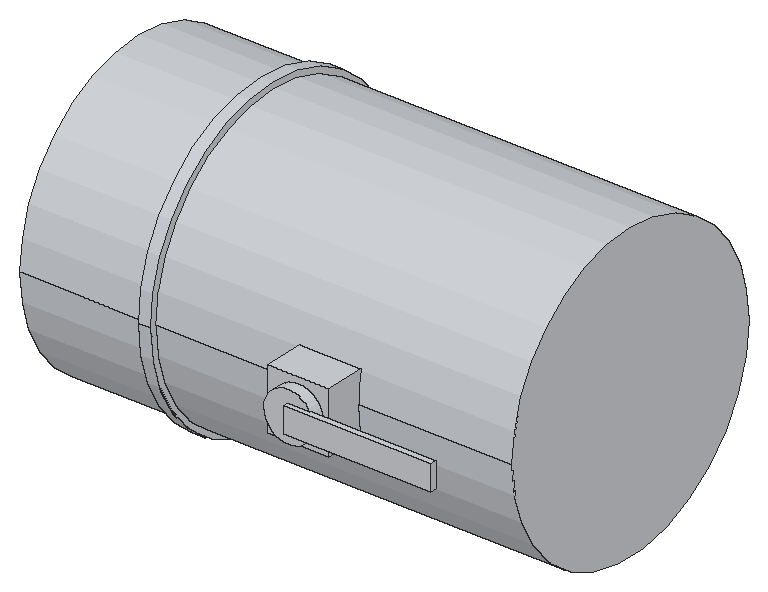
Revit family "e3e4dd09a4cd44f8860823d052cb8702", category Duct Fittings, Revit 2021
Family settings
  Round Connector Dimension = Use Radius
  Part Type = Tap - Adjustable
  OmniClass Number = 23.75.70.14
  OmniClass Title = Air Ductwork
  Seek Item ID = Round Takeoff with Standoff Damper-0000-USA-ENU
  Work Plane-Based = No
  Always vertical = Yes
  Cut with Voids When Loaded = No
  Shared = No
Parameters (values of type "Standard")
  built-in parameter 1114214 [instance] = 0' - 5"
  built-in parameter 1114213 [instance] = 1' - 3"
  built-in parameter 1114215 [instance] = if(Duct Diameter > 1' 3", Duct Diameter, 1' 3")  # 1.25 (stored number, unit not read)
  Standoff Width [instance] = 2 1/2"
  Standoff Height [instance] = 1 1/2"
  Radius 2 [instance] = Handle Width  # 1"
  Radius 1 [instance] = Duct Radius + 0' 0 1/4"  # 6 1/4"
  Length 3 [instance] = Length 2 + Handle Height + Length 1  # 8 1/4"
  Length 2 [instance] = Standoff Height + Duct Radius  # 7 1/2"
  Length 1 [instance] = 1/2"
  Handle Width [instance] = 1"
  Handle Length [instance] = 6"
  Handle Height [instance] = 1/4"
  Stop Bead Thickness [instance] = 1/2"
  Stop Bead Radius [instance] = Duct Radius + Stop Bead Extension  # 6 1/4"
  Stop Bead Extension [instance] = 1/4"
  Duct Radius [instance] = 6"
  Duct Length 1 [instance] = Duct Radius + 0' 3"  # 9"
  Duct Diameter [instance] = Duct Radius * 2  # 12"
  Default Elevation = 0' - 0"
Reference planes (in)
  plane 1 "Center (Front/Back)": y = 0
  plane 2: z = 0
  plane 3 "Center (Left/Right)": x = 0
  plane 4: x = 15
  plane 5: x = -5
  plane 6: x = 7.5
  plane 7: y = -8.25
Forms (in)
  Extrusion 1, solid, detail levels medium+fine
    sketch origin (0, 0, 0) x (0, 1, 0) y (0, 0, 1)
      loop
        circle (0, 0) r 6
    from 0 to 15
  Extrusion 2, solid, detail levels medium+fine
    sketch origin (-5, 62.97128, 48) x (0, 1, 0) y (0, 0, 1)
      loop
        circle (-62.97128, -48) r 6
    from 0 to 5
  Extrusion 3, solid, detail levels medium+fine
    sketch origin (0, 0, 0) x (0, 1, 0) y (0, 0, 1)
      loop
        circle (0, 0) r 6.25
    from 0 to 0.5
  Extrusion 4, solid, detail levels medium+fine
    sketch origin (0, 0, 0) x (1, 0, 0) y (0, 0, 1)
      loop
        circle (7.5, 0) r 1
    from 8 to 7.5
  Extrusion 5, solid, detail levels medium+fine
    sketch origin (0, -8, 0) x (-1, 0, 0) y (0, 0, 1)
      loop
        line (-13.5, 0.5) -> (-13.5, -0.5) -> (-7.5, -0.5) -> (-7.5, 0.5) -> (-13.5, 0.5)
    from 0 to -0.25
  Extrusion 6, solid, detail levels medium+fine
    sketch origin (0, 0, 0) x (1, 0, 0) y (0, 0, 1)
      loop
        line (8.75, 1.25) -> (6.25, 1.25) -> (6.25, -1.25) -> (8.75, -1.25) -> (8.75, 1.25)
    from 0 to 7.5
Cuts and joins
  joined: Extrusion 1, Extrusion 3, Extrusion 6
Lines and regions (in)
  model lines, not visible, detail levels coarse
    curve 1: line (0, 0, 0) -> (15, 0, 0)
  model lines, detail levels coarse
    curve 2: line (7.5, -8.25, 0) -> (7.5, 6, 0)
    curve 3: line (7.5, -8.25, 0) -> (13.5, -8.25, 0)
Dimensions and locks (in)
  "built-in parameter 1114214": plane 5 to plane 3 "Center (Left/Right)"
  "Stop Bead Thickness": plane 3 "Center (Left/Right)" to Extrusion 3
  equal spacing: Extrusion 5 sketch curve, plane 2, Extrusion 5 sketch curve
  "Handle Width": Extrusion 5 sketch curve to Extrusion 5 sketch curve
  "Handle Length": Extrusion 5 sketch curve to Extrusion 5 sketch curve
  "Duct Radius": plane 1 "Center (Front/Back)" to curve 2
  "Handle Height": Extrusion 5 to Extrusion 5
  equal spacing: Extrusion 6 sketch curve, plane 2, Extrusion 6 sketch curve
  "Standoff Width": Extrusion 6 sketch curve to Extrusion 6 sketch curve  (x2)
  equal spacing: Extrusion 6 sketch curve, plane 6, Extrusion 6 sketch curve
  "Length 2": cut or joined group of Extrusion 1, Extrusion 3, Extrusion 6 to plane 1 "Center (Front/Back)"
  "Length 1": Extrusion 4 to cut or joined group of Extrusion 1, Extrusion 3, Extrusion 6
  "Length 3": plane 7 to plane 1 "Center (Front/Back)"
  "Handle Length": plane 6 to curve 3
  "built-in parameter 1114213": plane 3 "Center (Left/Right)" to plane 4
  equal spacing: plane 3 "Center (Left/Right)", plane 6, plane 4
  "Duct Radius": radius of Extrusion 1 sketch curve
  "Duct Radius": radius of Extrusion 2 sketch curve
  "Stop Bead Radius": radius of Extrusion 3 sketch curve
  "Radius 2": radius of Extrusion 4 sketch curve
  aligned and locked: plane 1 "Center (Front/Back)" to curve 1
  aligned and locked: plane 3 "Center (Left/Right)" to curve 1
  aligned and locked: plane 2 to Extrusion 1 sketch curve
  aligned and locked: plane 1 "Center (Front/Back)" to Extrusion 1 sketch curve
  aligned and locked: Extrusion 1 to plane 3 "Center (Left/Right)"
  aligned and locked: plane 2 to Extrusion 2 sketch curve
  aligned and locked: plane 1 "Center (Front/Back)" to Extrusion 2 sketch curve
  aligned and locked: plane 3 "Center (Left/Right)" to Extrusion 2
  aligned and locked: Extrusion 2 to plane 5
  aligned and locked: plane 1 "Center (Front/Back)" to Extrusion 3 sketch curve
  aligned and locked: plane 2 to Extrusion 3 sketch curve
  aligned and locked: Extrusion 3 to plane 3 "Center (Left/Right)"
  aligned and locked: plane 2 to Extrusion 4 sketch curve
  aligned and locked: plane 6 to Extrusion 4 sketch curve
  aligned and locked: plane 6 to Extrusion 5 sketch curve
  aligned and locked: Extrusion 6 to plane 1 "Center (Front/Back)"
  aligned and locked: Extrusion 4 to cut or joined group of Extrusion 1, Extrusion 3, Extrusion 6
  aligned and locked: Extrusion 5 to plane 7
  aligned and locked: plane 7 to curve 2
  aligned and locked: plane 6 to curve 3
  aligned and locked: plane 4 to Extrusion 1
  aligned and locked: plane 4 to curve 1
Connectors (in)
  hvac at (0, 0, 0), driven by "Duct Radius"
    settings: on cut or joined group of Extrusion 1, Extrusion 3, Extrusion 6, index 1, duct flow 0 CFM, flow factor 0, pres drop 0.00 in-wg, loss coef 0, conn angle 0.00°, conn width 12", conn height 12", conn diameter 12", duct sys type 28, conn prof type 0, flow config 0, flow direction 0, loss method 0, conn ref index 2, conn util no, is conn primary yes, conn desc ""
  hvac at (15, 0, 0), driven by "Duct Radius"
    settings: on cut or joined group of Extrusion 1, Extrusion 3, Extrusion 6, index 2, duct flow 0 CFM, flow factor 0, pres drop 0.00 in-wg, loss coef 0, conn angle 0.00°, conn width 12", conn height 12", conn diameter 12", duct sys type 28, conn prof type 0, flow config 0, flow direction 0, loss method 0, conn ref index 1, conn util no, is conn primary no, conn desc ""
